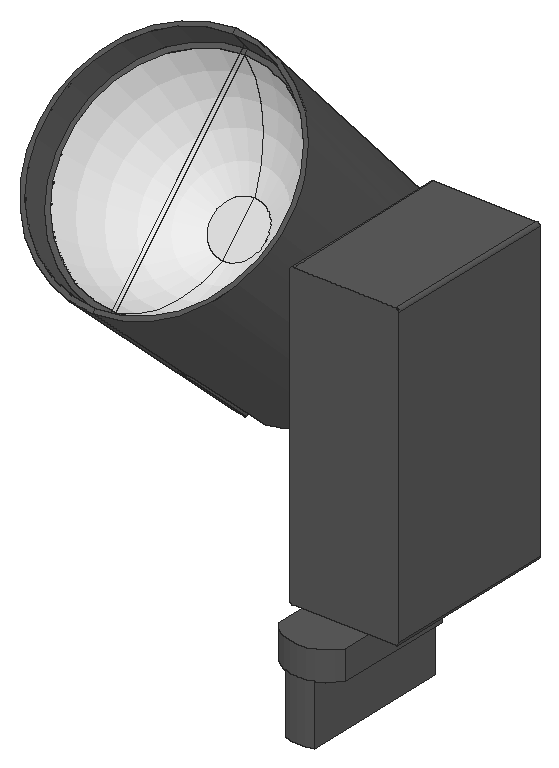
Revit family "0004946 Feilo Sylvania Lighting Fixture START TRACK SPOT L DALI 4405LM 930 WB BLK", category Lighting Fixtures, host Face, Revit 2017
Family settings
  Host = Face
  Round Connector Dimension = Use Diameter
  Part Type = Normal
  OmniClass Number = 23.80.70.00
  OmniClass Title = Lighting
  Cut with Voids When Loaded = No
  Light Source = No
  Shared = No
  Room Calculation Point = No
Parameters (values of type "0004946 START TRACK SPOT L DALI 4405LM 930 WB BLK")
  Weight = "1.398 kg"
  Wattage Comments = ""
  WarrantyStartDate [instance] = "n/a"
  WarrantyGuarantorParts = "n/a"
  WarrantyDurationUnit = "n/a"
  WarrantyDurationParts = "n/a"
  WarrantyDescription = "n/a"
  Voltage = 230 V
  URL = "http://www.sylvania-lighting.com/"
  TypeName = "START TRACK SPOT L DALI 4405LM 930 WB BLK"
  TypeHead_FEILO = Start Track Spot Head : 0004894 START TRACK SPOT L 55W 3K RA90 WB BLACK
  TypeBox_FEILO = Start Track Spot Box : Type Large Black
  Type Image = <None>
  Type Comments = "n/a"
  VerticalRotation_FEILO [instance] = 0.00°
  SlideEndAngle_FEILO [instance] = VerticalRotation_FEILO + 180.00°  # 180.00°
  SerialNumber [instance] = "n/a"
  Material_3_FEILO = none
  PowerFactor = 0.96
  PowerConsumption = "55 W"
  NominalLength = 0 mm
  NominalHeight = 240 mm
  NominalDepth = 164 mm
  Name = "START TRACK SPOT L DALI 4405LM 930 WB BLK"
  ModelReference = Name  # "START TRACK SPOT L DALI 4405LM 930 WB BLK"
  ModelNumber = "0004946"
  Model = Name  # "START TRACK SPOT L DALI 4405LM 930 WB BLK"
  Material = "adc12 aluminium housing, polycarbonate diffuser"
  ManufacturerName = "Feilo Sylvania"
  Manufacturer = "Feilo Sylvania"
  LuminousEfficacy = "80 lm/W"
  LuminaireType = ""
  LightOutputRatio = "100"
  LampsType = Lamp  # "LED"
  LampNominalLuminous = "4405 lm"
  LampMacAdamStep = "3"
  LampColourTemperature = "3000 K"
  LampColourRenderingIndex = "90"
  Lamp = "LED"
  Keynote = "16500"
  InstallationDate [instance] = "n/a"
  InputVoltage = "230-240V~"
  InputNominalFrequency = "50/60 Hz"
  IngressProtection = "IP20"
  ImpactProtectionIndex = "IK02"
  IfcExportType = "IfcLightFixtureType"
  IfcExportAs = "IfcLightFixtureType"
  HorizontalRotation_FEILO [instance] = 45.00°
  ExpectedLife = 50000
  ElectricShockClassification = "Class II"
  DurationUnit = "hours"
  DocumentationLiterature = "http://www.sylvania-lighting.com/product/en-int/products/0004894"
  DimmingControlOptions = "Dimmable"
  Material_2_FEILO = none
  Description = "Integrated LED spotlight, Textured Black - RAL9005, compact and minimalist design, ideal for retail applications, die-cast aluminium body, passive cooling heatsink. Beam angle: 52°, color temperature: 3000K , total system power: 55W, total fixture output: 4405 lm, LOR: 100%, colour rendering: Ra: 90 typical, LED Chromaticity: 3 step MacAdam ellipse, lifetime: >50000 hours at L70B50, energy class: A++, A+, A, IR/UV free light source without heat radiation, operating voltage: 220-240V / 50-60Hz, drive current: 1400mA, electronic driver, non-dimmable, power factor: 0.96, electrical protection: Class II, Global Track 3 Phase adapter suitable for Global trac 3-circuit tracks, ingress protection rating: IP20, suitable for internal environment only, horizontal rotation: 355°, vertical tilt: 90°, dimensions: Ø113x164x240, weight: 1.398kg."
  Default Elevation = 1219.2 mm
  CreatedOn = "04/26/2018"
  CreatedBy = ""
  Cost = 0
  built-in parameter 1114216 [instance] = (empty or 0)
  ClassificationValue = "EF_70_80"
  ClassificationName = "Uniclass2015"
  Material_1_FEILO = Body-Sylvania-StartTrackSpot-Black
  BarCode [instance] = "n/a"
  AssetType = "Fixed"
  AssetIdentifier [instance] = "n/a"
  Assembly Code = "D5020200"
  Apparent Load = 55 VA
  Material_4_FEILO = none
Reference planes
  plane 1 "Center (Front/Back)": y = 0
  plane 2: z = 0
  plane 3 "Center (Left/Right)": x = 0
  plane 4: x = 15
  plane 5: x = -15
  plane 6: y = 35
  plane 7: y = -35
  plane 8: z = 13
  plane 9: z = -27
  plane 10: x = 6.5
  plane 11: x = -6.5
  plane 12: y = 27
  plane 13: y = -27
  plane 14: y = 20
Forms (mm)
  Extrusion 1, solid, material "Body-Sylvania-StartTrackSpot-Black" <- "Material_1_FEILO"
    sketch origin (0, 0, 0) x (1, 0, 0) y (0, 1, 0)
      loop
        line (-15, 27) -> (-15, -27)
        arc (-15, -27) -> (0, -35) -> (15, -27) r 18.062
        line (15, -27) -> (15, 27)
        arc (15, 27) -> (0, 35) -> (-15, 27) r 18.062
    from 0 to 13
  Extrusion 2, solid, material "Body-Sylvania-StartTrackSpot-Black" <- "Material_1_FEILO"
    sketch origin (0, 0, 0) x (1, 0, 0) y (0, 1, 0)
      loop
        arc (6.5, 33.79) -> (0, 35) -> (-6.5, 33.79) r 18.062
        line (-6.5, 33.79) -> (-6.5, -33.79)
        arc (-6.5, -33.79) -> (0, -35) -> (6.5, -33.79) r 18.062
        line (6.5, -33.79) -> (6.5, 33.79)
    from 0 to -27
  Revolve 3, solid, not visible
    sketch origin (1524, 20, 1219.2) x (1, 0, 0) y (0, 0, 1)
      loop
        line (-1524, -1206.2) -> (-1524, -1191.285) -> (-1530.5, -1191.285) -> (-1530.5, -1206.2) -> (-1524, -1206.2)
      axis (-1524, -1191.285) -> (-1524, -1206.2)
    angle from 0 <- "VerticalRotation_FEILO" to 180 <- "SlideEndAngle_FEILO"
Cuts and joins
  joined: Extrusion 1, Extrusion 2
Dimensions and locks
  equal spacing: plane 10, plane 3 "Center (Left/Right)", plane 11
  equal spacing: plane 4, plane 3 "Center (Left/Right)", plane 5
  locked: plane 8 to plane 2 at 13
  locked: plane 8 to plane 9 at 40
  equal spacing: plane 13, plane 1 "Center (Front/Back)", plane 12
  locked: plane 12 to plane 6 at 8
  locked: plane 14 to plane 6 at 15
  locked: Revolve 3 sketch curve to plane 8 at 14.915
  aligned and locked: plane 2 to host face
  aligned and locked: level to host face
  aligned and locked: plane 5 to Extrusion 1 sketch curve  (x2)
  aligned and locked: plane 12 to Extrusion 1 sketch curve
  aligned and locked: plane 13 to Extrusion 1 sketch curve
  aligned and locked: plane 4 to Extrusion 1 sketch curve
  aligned and locked: Extrusion 1 to plane 8
  aligned and locked: Extrusion 1 to level
  aligned and locked: Extrusion 2 sketch curve to Extrusion 1  (x2)
  aligned and locked: Extrusion 2 sketch curve to plane 11
  aligned and locked: plane 10 to Extrusion 2 sketch curve
  aligned and locked: plane 9 to Extrusion 2
  aligned and locked: level to Extrusion 2
  aligned and locked: Revolve 3 sketch curve to plane 3 "Center (Left/Right)"  (x2)
  aligned and locked: plane 11 to Revolve 3 sketch curve
  aligned and locked: Revolve 3 sketch curve to plane 8
Automatic sketch dimensions
  host sketch curve to host sketch curve = 2438.4 mm  (x2)
  Extrusion 1 sketch curve to plane 3 "Center (Left/Right)" = 0 mm  (x2)
  Extrusion 1 sketch curve to plane 13 = 10.062 mm
  plane 12 to Extrusion 1 sketch curve = 10.062 mm
  Revolve 3 sketch curve to plane 3 "Center (Left/Right)" = 0 mm
  plane 9 to Revolve 3 sketch curve = 582.6 mm
  Revolve 3 sketch curve to Revolve 3 sketch curve = 2581.144 mm
Nested families
  nested 1: "Start Track Spot Head" at (-75.5, 20, 133) x (0, 0.7071, 0.7071) z (0, 0.7071, -0.7071), type <- "TypeHead_FEILO", type "0004894 START TRACK SPOT L 55W 3K RA90 WB BLACK"
    with built-in parameter 1114216 (empty or 0)
  nested 2: "Start Track Spot Box" at (8.5, 20, 85) x (-1, 0, 0) z (0, -1, 0), BoxStartAngle_FEILO <- "HorizontalRotation_FEILO", type <- "TypeBox_FEILO", type "Type Large Black"
    with BoxStartAngle_FEILO 45.00°, BoxEndAngle_FEILO -135.00°
Connectors
  electrical at (0, 0, 0), driven by "Apparent Load", driven by "PowerFactor", driven by "Voltage"
    settings: index 1, voltage 230 V, apparent load 55 VA, apparent load phase1 0 VA, apparent load phase2 0 VA, apparent load phase3 0 VA, power factor 0.96, load classification "Lighting", number of poles 1, system type 30, power factor state 1, is connector primary yes, connector utility no, sub classification motor no, connector description ""
Definition of nested family "Start Track Spot Head"
  Parameters (values of type "0004811 START TRACK SPOT S 14W 3K RA80 NB WHITE")
    Wattage Comments = "n/a"
    Wattage = 14 W
    built-in parameter 1150110 = 1 (stored number, unit not read)
    URL = "http://www.feilosylvania.com"
    Type Image = (empty or 0)
    Type Comments = "n/a"
    built-in parameter 1114217 = 1 (stored number, unit not read)
    Tilt Angle = -90.00°
    built-in parameter 1150109 = 1 (stored number, unit not read)
    built-in parameter 1150134 = (empty or 0)
    built-in parameter 1150113 = 1 (stored number, unit not read)
    Photometric Web File = "0004811.ies"
    Material_3_FEILO = none
    Model = "START TRACK SPOT S 14W 3K RA80 NB WHITE"
    Manufacturer = "Feilo Sylvania"
    built-in parameter 1150105 = 123.66 (stored number, unit not read)
    Lumens = 1554 lm
    built-in parameter 1150115 = 1 (stored number, unit not read)
    built-in parameter 1150137 = (empty or 0)
    built-in parameter 1150139 = (empty or 0)
    built-in parameter 1150112 = 1 (stored number, unit not read)
    built-in parameter 1150114 = 1 (stored number, unit not read)
    Lamp = "LED"
    Keynote = "16500"
    Material_2_FEILO = none
    built-in parameter 1150132 = (empty or 0)
    built-in parameter 1150102 = (empty or 0)
    built-in parameter 1150107 = 3000 (stored number, unit not read)
    built-in parameter 1150138 = (empty or 0)
    built-in parameter 1150106 = 1.2366 (stored number, unit not read)
    HeadThickness_FEILO = if(HeadDiaOut_FEILO > 112 mm, 2 mm, 1.5 mm)  # 1.5 mm
    HeadRibOffset_FEILO = HeadHeight_FEILO / 28  # 4.179 mm
    HeadRibDepth_FEILO = HeadHeight_FEILO / 2.1  # 55.714 mm
    HeadRibCutWidth_FEILO = HeadDiaOut_FEILO / 12  # 7.167 mm
    HeadRibCutOffset_FEILO = HeadHeight_FEILO / 2.3  # 50.87 mm
    HeadReflectorRadius_FEILO = HeadDiaOut_FEILO / 1.7  # 50.588 mm
    HeadReflectorOffset_FEILO = HeadHeight_FEILO / 2.1  # 55.714 mm
    HeadLEDRadius_FEILO = HeadDiaOut_FEILO / 9  # 9.556 mm
    HeadHeight_FEILO = 117 mm
    HeadDraft_FEILO = 1 mm
    HeadDiffusorThickness_FEILO = 3 mm
    HeadDiffusorOffset_FEILO = HeadHeight_FEILO / 12.4  # 9.435 mm
    HeadDiaOut_FEILO = 86 mm
    HeadDiaIn_FEILO = HeadDiaOut_FEILO / 1.11  # 77.477 mm
    HeadAxisFromTop_FEILO = HeadHeight_FEILO / 1.687  # 69.354 mm
    Emit from Circle Diameter = HeadDiaIn_FEILO  # 77.477 mm
    Emit Shape Visible in Rendering = no
    built-in parameter 1150104 = 10.312 (stored number, unit not read)
    Dimming Lamp Color Temperature Shift = (empty or 0)
    Description = "Integrated LED spotlight, Textured White - RAL9016, compact and minimalist design, ideal for retail applications, die-cast aluminium body, passive cooling heatsink. Beam angle: 12°, color temperature: 3000K , total system power: 14W, total fixture output: 1551 lm, LOR: 100%, colour rendering: Ra: 80 typical, LED Chromaticity: 3 step MacAdam ellipse, lifetime: >50000 hours at L70B50, energy class: A++, A+, A, IR/UV free light source without heat radiation, operating voltage: 220-240V / 50-60Hz, drive current: 350mA, electronic driver, non-dimmable, power factor: 0.92, electrical protection: Class II, Global Track 3 Phase adapter suitable for Global trac 3-circuit tracks, ingress protection rating: IP20, suitable for internal environment only, horizontal rotation: 355°, vertical tilt: 90°, dimensions: Ø86x140x200, weight: 0.940kg."
    Default Elevation = 1219.2 mm
    Cost = 0
    Color Filter = 16777215
    built-in parameter 1114216 [instance] = (empty or 0)
    Material_1_FEILO = none
    built-in parameter 1114218 = 1 (stored number, unit not read)
    built-in parameter 1150133 = 10 (stored number, unit not read)
    Assembly Code = "D5020200"
    Apparent Load = 14 VA
    Material_4_FEILO = none
  Types (96, lengths in mm): name | Wattage | built-in parameter 1150134 | Photometric Web File | Model | built-in parameter 1150105 | Lumens | built-in parameter 1150107 | built-in parameter 1150106 | HeadThickness_FEILO | HeadRibOffset_FEILO | HeadRibDepth_FEILO | HeadRibCutWidth_FEILO | HeadRibCutOffset_FEILO | HeadReflectorRadius_FEILO | HeadReflectorOffset_FEILO | HeadLEDRadius_FEILO | HeadHeight_FEILO | HeadDiffusorOffset_FEILO | HeadDiaOut_FEILO | HeadDiaIn_FEILO | HeadAxisFromTop_FEILO | Emit from Circle Diameter | built-in parameter 1150104 | Description | Apparent Load
    0004906 START TRACK SPOT L 55W 4K RA90 WB BLACK | 55 W | 12 | "0004906.ies" | "START TRACK SPOT L 55W 4K RA90 WB BLACK" | 385.15 (stored number, unit not read) | 4840 lm | 4000 (stored number, unit not read) | 3.8515 (stored number, unit not read) | 2 | 4.429 | 59.048 | 9.417 | 53.913 | 66.471 | 59.048 | 12.556 | 124 | 10 | 113 | 101.802 | 73.503 | 101.802 | 8.1755 (stored number, unit not read) | "Integrated LED spotlight, Textured Black - RAL9005, compact and minimalist design, ideal for retail applications, die-cast aluminium body, passive cooling heatsink. Beam angle: 52°, color temperature: 4000K , total system power: 55W, total fixture output: 4824 lm, LOR: 100%, colour rendering: Ra: 90 typical, LED Chromaticity: 3 step MacAdam ellipse, lifetime: >50000 hours at L70B50, energy class: A++, A+, A, IR/UV free light source without heat radiation, operating voltage: 220-240V / 50-60Hz, drive current: 1400mA, electronic driver, non-dimmable, power factor: 0.96, electrical protection: Class II, Global Track 3 Phase adapter suitable for Global trac 3-circuit tracks, ingress protection rating: IP20, suitable for internal environment only, horizontal rotation: 355°, vertical tilt: 90°, dimensions: Ø113x164x240, weight: 1.398kg." | 55 VA
    0004905 START TRACK SPOT L 55W 4K RA90 MB BLACK | 55 W | 12 | "0004905.ies" | "START TRACK SPOT L 55W 4K RA90 MB BLACK" | 389.53 (stored number, unit not read) | 4895 lm | 4000 (stored number, unit not read) | 3.8953 (stored number, unit not read) | 2 | 4.429 | 59.048 | 9.417 | 53.913 | 66.471 | 59.048 | 12.556 | 124 | 10 | 113 | 101.802 | 73.503 | 101.802 | 8.2684 (stored number, unit not read) | "Integrated LED spotlight, Textured Black - RAL9005, compact and minimalist design, ideal for retail applications, die-cast aluminium body, passive cooling heatsink. Beam angle: 38°, color temperature: 4000K , total system power: 55W, total fixture output: 4897 lm, LOR: 100%, colour rendering: Ra: 90 typical, LED Chromaticity: 3 step MacAdam ellipse, lifetime: >50000 hours at L70B50, energy class: A++, A+, A, IR/UV free light source without heat radiation, operating voltage: 220-240V / 50-60Hz, drive current: 1400mA, electronic driver, non-dimmable, power factor: 0.96, electrical protection: Class II, Global Track 3 Phase adapter suitable for Global trac 3-circuit tracks, ingress protection rating: IP20, suitable for internal environment only, horizontal rotation: 355°, vertical tilt: 90°, dimensions: Ø113x164x240, weight: 1.398kg." | 55 VA
    0004904 START TRACK SPOT L 55W 4K RA90 NB BLACK | 55 W | 12 | "0004904.ies" | "START TRACK SPOT L 55W 4K RA90 NB BLACK" | 393.91 (stored number, unit not read) | 4950 lm | 4000 (stored number, unit not read) | 3.9391 (stored number, unit not read) | 2 | 4.429 | 59.048 | 9.417 | 53.913 | 66.471 | 59.048 | 12.556 | 124 | 10 | 113 | 101.802 | 73.503 | 101.802 | 8.3613 (stored number, unit not read) | "Integrated LED spotlight, Textured Black - RAL9005, compact and minimalist design, ideal for retail applications, die-cast aluminium body, passive cooling heatsink. Beam angle: 15°, color temperature: 4000K , total system power: 55W, total fixture output: 4965 lm, LOR: 100%, colour rendering: Ra: 90 typical, LED Chromaticity: 3 step MacAdam ellipse, lifetime: >50000 hours at L70B50, energy class: A++, A+, A, IR/UV free light source without heat radiation, operating voltage: 220-240V / 50-60Hz, drive current: 1400mA, electronic driver, non-dimmable, power factor: 0.96, electrical protection: Class II, Global Track 3 Phase adapter suitable for Global trac 3-circuit tracks, ingress protection rating: IP20, suitable for internal environment only, horizontal rotation: 355°, vertical tilt: 90°, dimensions: Ø113x164x240, weight: 1.398kg." | 55 VA
    0004903 START TRACK SPOT L 35W 4K RA90 WB BLACK | 35 W | 12 | "0004903.ies" | "START TRACK SPOT L 35W 4K RA90 WB BLACK" | 284.09 (stored number, unit not read) | 3570 lm | 4000 (stored number, unit not read) | 2.8409 (stored number, unit not read) | 2 | 4.429 | 59.048 | 9.417 | 53.913 | 66.471 | 59.048 | 12.556 | 124 | 10 | 113 | 101.802 | 73.503 | 101.802 | 9.4761 (stored number, unit not read) | "Integrated LED spotlight, Textured Black - RAL9005, compact and minimalist design, ideal for retail applications, die-cast aluminium body, passive cooling heatsink. Beam angle: 52°, color temperature: 4000K , total system power: 35W, total fixture output: 3562 lm, LOR: 100%, colour rendering: Ra: 90 typical, LED Chromaticity: 3 step MacAdam ellipse, lifetime: >50000 hours at L70B50, energy class: A++, A+, A, IR/UV free light source without heat radiation, operating voltage: 220-240V / 50-60Hz, drive current: 900mA, electronic driver, non-dimmable, power factor: 0.93, electrical protection: Class II, Global Track 3 Phase adapter suitable for Global trac 3-circuit tracks, ingress protection rating: IP20, suitable for internal environment only, horizontal rotation: 355°, vertical tilt: 90°, dimensions: Ø113x164x240, weight: 1.368kg." | 35 VA
    0004902 START TRACK SPOT L 35W 4K RA90 MB BLACK | 35 W | 12 | "0004902.ies" | "START TRACK SPOT L 35W 4K RA90 MB BLACK" | 286.88 (stored number, unit not read) | 3605 lm | 4000 (stored number, unit not read) | 2.8688 (stored number, unit not read) | 2 | 4.429 | 59.048 | 9.417 | 53.913 | 66.471 | 59.048 | 12.556 | 124 | 10 | 113 | 101.802 | 73.503 | 101.802 | 9.569 (stored number, unit not read) | "Integrated LED spotlight, Textured Black - RAL9005, compact and minimalist design, ideal for retail applications, die-cast aluminium body, passive cooling heatsink. Beam angle: 38°, color temperature: 4000K , total system power: 35W, total fixture output: 3616 lm, LOR: 100%, colour rendering: Ra: 90 typical, LED Chromaticity: 3 step MacAdam ellipse, lifetime: >50000 hours at L70B50, energy class: A++, A+, A, IR/UV free light source without heat radiation, operating voltage: 220-240V / 50-60Hz, drive current: 900mA, electronic driver, non-dimmable, power factor: 0.93, electrical protection: Class II, Global Track 3 Phase adapter suitable for Global trac 3-circuit tracks, ingress protection rating: IP20, suitable for internal environment only, horizontal rotation: 355°, vertical tilt: 90°, dimensions: Ø113x164x240, weight: 1.368kg." | 35 VA
    0004901 START TRACK SPOT L 35W 4K RA90 NB BLACK | 35 W | 12 | "0004901.ies" | "START TRACK SPOT L 35W 4K RA90 NB BLACK" | 286.88 (stored number, unit not read) | 3605 lm | 4000 (stored number, unit not read) | 2.8688 (stored number, unit not read) | 2 | 4.429 | 59.048 | 9.417 | 53.913 | 66.471 | 59.048 | 12.556 | 124 | 10 | 113 | 101.802 | 73.503 | 101.802 | 9.569 (stored number, unit not read) | "Integrated LED spotlight, Textured Black - RAL9005, compact and minimalist design, ideal for retail applications, die-cast aluminium body, passive cooling heatsink. Beam angle: 15°, color temperature: 4000K , total system power: 35W, total fixture output: 3593 lm, LOR: 100%, colour rendering: Ra: 90 typical, LED Chromaticity: 3 step MacAdam ellipse, lifetime: >50000 hours at L70B50, energy class: A++, A+, A, IR/UV free light source without heat radiation, operating voltage: 220-240V / 50-60Hz, drive current: 900mA, electronic driver, non-dimmable, power factor: 0.93, electrical protection: Class II, Global Track 3 Phase adapter suitable for Global trac 3-circuit tracks, ingress protection rating: IP20, suitable for internal environment only, horizontal rotation: 355°, vertical tilt: 90°, dimensions: Ø113x164x240, weight: 1.368kg." | 35 VA
    0004900 START TRACK SPOT S 24W 4K RA90 WB BLACK | 24 W | 12 | "0004900.ies" | "START TRACK SPOT S 24W 4K RA90 WB BLACK" | 166.16 (stored number, unit not read) | 2088 lm | 4000 (stored number, unit not read) | 1.6616 (stored number, unit not read) | 1.5 | 4.179 | 55.714 | 7.167 | 50.87 | 50.588 | 55.714 | 9.556 | 117 | 9.435 | 86 | 77.477 | 69.354 | 77.477 | 8.0826 (stored number, unit not read) | "Integrated LED spotlight, Textured Black - RAL9005, compact and minimalist design, ideal for retail applications, die-cast aluminium body, passive cooling heatsink. Beam angle: 64°, color temperature: 4000K , total system power: 24W, total fixture output: 2087 lm, LOR: 100%, colour rendering: Ra: 90 typical, LED Chromaticity: 3 step MacAdam ellipse, lifetime: >50000 hours at L70B50, energy class: A++, A+, A, IR/UV free light source without heat radiation, operating voltage: 220-240V / 50-60Hz, drive current: 600mA, electronic driver, non-dimmable, power factor: 0.95, electrical protection: Class II, Global Track 3 Phase adapter suitable for Global trac 3-circuit tracks, ingress protection rating: IP20, suitable for internal environment only, horizontal rotation: 355°, vertical tilt: 90°, dimensions: Ø86x140x200, weight: 0.966kg." | 24 VA
    0004899 START TRACK SPOT S 24W 4K RA90 MB BLACK | 24 W | 12 | "0004899.ies" | "START TRACK SPOT S 24W 4K RA90 MB BLACK" | 169.98 (stored number, unit not read) | 2136 lm | 4000 (stored number, unit not read) | 1.6998 (stored number, unit not read) | 1.5 | 4.179 | 55.714 | 7.167 | 50.87 | 50.588 | 55.714 | 9.556 | 117 | 9.435 | 86 | 77.477 | 69.354 | 77.477 | 8.2684 (stored number, unit not read) | "Integrated LED spotlight, Textured Black - RAL9005, compact and minimalist design, ideal for retail applications, die-cast aluminium body, passive cooling heatsink. Beam angle: 36°, color temperature: 4000K , total system power: 24W, total fixture output: 2141 lm, LOR: 100%, colour rendering: Ra: 90 typical, LED Chromaticity: 3 step MacAdam ellipse, lifetime: >50000 hours at L70B50, energy class: A++, A+, A, IR/UV free light source without heat radiation, operating voltage: 220-240V / 50-60Hz, drive current: 600mA, electronic driver, non-dimmable, power factor: 0.95, electrical protection: Class II, Global Track 3 Phase adapter suitable for Global trac 3-circuit tracks, ingress protection rating: IP20, suitable for internal environment only, horizontal rotation: 355°, vertical tilt: 90°, dimensions: Ø86x140x200, weight: 0.966kg." | 24 VA
    0004898 START TRACK SPOT S 24W 4K RA90 NB BLACK | 24 W | 12 | "0004898.ies" | "START TRACK SPOT S 24W 4K RA90 NB BLACK" | 171.89 (stored number, unit not read) | 2160 lm | 4000 (stored number, unit not read) | 1.7189 (stored number, unit not read) | 1.5 | 4.179 | 55.714 | 7.167 | 50.87 | 50.588 | 55.714 | 9.556 | 117 | 9.435 | 86 | 77.477 | 69.354 | 77.477 | 8.3613 (stored number, unit not read) | "Integrated LED spotlight, Textured Black - RAL9005, compact and minimalist design, ideal for retail applications, die-cast aluminium body, passive cooling heatsink. Beam angle: 12°, color temperature: 4000K , total system power: 24W, total fixture output: 2155 lm, LOR: 100%, colour rendering: Ra: 90 typical, LED Chromaticity: 3 step MacAdam ellipse, lifetime: >50000 hours at L70B50, energy class: A++, A+, A, IR/UV free light source without heat radiation, operating voltage: 220-240V / 50-60Hz, drive current: 600mA, electronic driver, non-dimmable, power factor: 0.95, electrical protection: Class II, Global Track 3 Phase adapter suitable for Global trac 3-circuit tracks, ingress protection rating: IP20, suitable for internal environment only, horizontal rotation: 355°, vertical tilt: 90°, dimensions: Ø86x140x200, weight: 0.966kg." | 24 VA
    0004897 START TRACK SPOT S 14W 4K RA90 WB BLACK | 14 W | 12 | "0004897.ies" | "START TRACK SPOT S 14W 4K RA90 WB BLACK" | 108.07 (stored number, unit not read) | 1358 lm | 4000 (stored number, unit not read) | 1.0807 (stored number, unit not read) | 1.5 | 4.179 | 55.714 | 7.167 | 50.87 | 50.588 | 55.714 | 9.556 | 117 | 9.435 | 86 | 77.477 | 69.354 | 77.477 | 9.0116 (stored number, unit not read) | "Integrated LED spotlight, Textured Black - RAL9005, compact and minimalist design, ideal for retail applications, die-cast aluminium body, passive cooling heatsink. Beam angle: 64°, color temperature: 4000K , total system power: 14W, total fixture output: 1352 lm, LOR: 100%, colour rendering: Ra: 90 typical, LED Chromaticity: 3 step MacAdam ellipse, lifetime: >50000 hours at L70B50, energy class: A++, A+, A, IR/UV free light source without heat radiation, operating voltage: 220-240V / 50-60Hz, drive current: 350mA, electronic driver, non-dimmable, power factor: 0.92, electrical protection: Class II, Global Track 3 Phase adapter suitable for Global trac 3-circuit tracks, ingress protection rating: IP20, suitable for internal environment only, horizontal rotation: 355°, vertical tilt: 90°, dimensions: Ø86x140x200, weight: 0.940kg." | 14 VA
    0004896 START TRACK SPOT S 14W 4K RA90 MB BLACK | 14 W | 12 | "0004896.ies" | "START TRACK SPOT S 14W 4K RA90 MB BLACK" | 108.07 (stored number, unit not read) | 1358 lm | 4000 (stored number, unit not read) | 1.0807 (stored number, unit not read) | 1.5 | 4.179 | 55.714 | 7.167 | 50.87 | 50.588 | 55.714 | 9.556 | 117 | 9.435 | 86 | 77.477 | 69.354 | 77.477 | 9.0116 (stored number, unit not read) | "Integrated LED spotlight, Textured Black - RAL9005, compact and minimalist design, ideal for retail applications, die-cast aluminium body, passive cooling heatsink. Beam angle: 36°, color temperature: 4000K , total system power: 14W, total fixture output: 1359 lm, LOR: 100%, colour rendering: Ra: 90 typical, LED Chromaticity: 3 step MacAdam ellipse, lifetime: >50000 hours at L70B50, energy class: A++, A+, A, IR/UV free light source without heat radiation, operating voltage: 220-240V / 50-60Hz, drive current: 350mA, electronic driver, non-dimmable, power factor: 0.92, electrical protection: Class II, Global Track 3 Phase adapter suitable for Global trac 3-circuit tracks, ingress protection rating: IP20, suitable for internal environment only, horizontal rotation: 355°, vertical tilt: 90°, dimensions: Ø86x140x200, weight: 0.940kg." | 14 VA
    0004895 START TRACK SPOT S 14W 4K RA90 NB BLACK | 14 W | 12 | "0004895.ies" | "START TRACK SPOT S 14W 4K RA90 NB BLACK" | 106.95 (stored number, unit not read) | 1344 lm | 4000 (stored number, unit not read) | 1.0695 (stored number, unit not read) | 1.5 | 4.179 | 55.714 | 7.167 | 50.87 | 50.588 | 55.714 | 9.556 | 117 | 9.435 | 86 | 77.477 | 69.354 | 77.477 | 8.9187 (stored number, unit not read) | "Integrated LED spotlight, Textured Black - RAL9005, compact and minimalist design, ideal for retail applications, die-cast aluminium body, passive cooling heatsink. Beam angle: 12°, color temperature: 4000K , total system power: 14W, total fixture output: 1349 lm, LOR: 100%, colour rendering: Ra: 90 typical, LED Chromaticity: 3 step MacAdam ellipse, lifetime: >50000 hours at L70B50, energy class: A++, A+, A, IR/UV free light source without heat radiation, operating voltage: 220-240V / 50-60Hz, drive current: 350mA, electronic driver, non-dimmable, power factor: 0.92, electrical protection: Class II, Global Track 3 Phase adapter suitable for Global trac 3-circuit tracks, ingress protection rating: IP20, suitable for internal environment only, horizontal rotation: 355°, vertical tilt: 90°, dimensions: Ø86x140x200, weight: 0.940kg." | 14 VA
    0004894 START TRACK SPOT L 55W 3K RA90 WB BLACK | 55 W | (empty or 0) | "0004894.ies" | "START TRACK SPOT L 55W 3K RA90 WB BLACK" | 350.14 (stored number, unit not read) | 4400 lm | 3000 (stored number, unit not read) | 3.5014 (stored number, unit not read) | 2 | 4.429 | 59.048 | 9.417 | 53.913 | 66.471 | 59.048 | 12.556 | 124 | 10 | 113 | 101.802 | 73.503 | 101.802 | 7.4322 (stored number, unit not read) | "Integrated LED spotlight, Textured Black - RAL9005, compact and minimalist design, ideal for retail applications, die-cast aluminium body, passive cooling heatsink. Beam angle: 52°, color temperature: 3000K , total system power: 55W, total fixture output: 4405 lm, LOR: 100%, colour rendering: Ra: 90 typical, LED Chromaticity: 3 step MacAdam ellipse, lifetime: >50000 hours at L70B50, energy class: A++, A+, A, IR/UV free light source without heat radiation, operating voltage: 220-240V / 50-60Hz, drive current: 1400mA, electronic driver, non-dimmable, power factor: 0.96, electrical protection: Class II, Global Track 3 Phase adapter suitable for Global trac 3-circuit tracks, ingress protection rating: IP20, suitable for internal environment only, horizontal rotation: 355°, vertical tilt: 90°, dimensions: Ø113x164x240, weight: 1.398kg." | 55 VA
    0004893 START TRACK SPOT L 55W 3K RA90 MB BLACK | 55 W | (empty or 0) | "0004893.ies" | "START TRACK SPOT L 55W 3K RA90 MB BLACK" | 354.52 (stored number, unit not read) | 4455 lm | 3000 (stored number, unit not read) | 3.5452 (stored number, unit not read) | 2 | 4.429 | 59.048 | 9.417 | 53.913 | 66.471 | 59.048 | 12.556 | 124 | 10 | 113 | 101.802 | 73.503 | 101.802 | 7.5251 (stored number, unit not read) | "Integrated LED spotlight, Textured Black - RAL9005, compact and minimalist design, ideal for retail applications, die-cast aluminium body, passive cooling heatsink. Beam angle: 38°, color temperature: 3000K , total system power: 55W, total fixture output: 4448 lm, LOR: 100%, colour rendering: Ra: 90 typical, LED Chromaticity: 3 step MacAdam ellipse, lifetime: >50000 hours at L70B50, energy class: A++, A+, A, IR/UV free light source without heat radiation, operating voltage: 220-240V / 50-60Hz, drive current: 1400mA, electronic driver, non-dimmable, power factor: 0.96, electrical protection: Class II, Global Track 3 Phase adapter suitable for Global trac 3-circuit tracks, ingress protection rating: IP20, suitable for internal environment only, horizontal rotation: 355°, vertical tilt: 90°, dimensions: Ø113x164x240, weight: 1.398kg." | 55 VA
    0004892 START TRACK SPOT L 55W 3K RA90 NB BLACK | 55 W | (empty or 0) | "0004892.ies" | "START TRACK SPOT L 55W 3K RA90 NB BLACK" | 350.14 (stored number, unit not read) | 4400 lm | 3000 (stored number, unit not read) | 3.5014 (stored number, unit not read) | 2 | 4.429 | 59.048 | 9.417 | 53.913 | 66.471 | 59.048 | 12.556 | 124 | 10 | 113 | 101.802 | 73.503 | 101.802 | 7.4322 (stored number, unit not read) | "Integrated LED spotlight, Textured Black - RAL9005, compact and minimalist design, ideal for retail applications, die-cast aluminium body, passive cooling heatsink. Beam angle: 15°, color temperature: 3000K , total system power: 55W, total fixture output: 4416 lm, LOR: 100%, colour rendering: Ra: 90 typical, LED Chromaticity: 3 step MacAdam ellipse, lifetime: >50000 hours at L70B50, energy class: A++, A+, A, IR/UV free light source without heat radiation, operating voltage: 220-240V / 50-60Hz, drive current: 1400mA, electronic driver, non-dimmable, power factor: 0.96, electrical protection: Class II, Global Track 3 Phase adapter suitable for Global trac 3-circuit tracks, ingress protection rating: IP20, suitable for internal environment only, horizontal rotation: 355°, vertical tilt: 90°, dimensions: Ø113x164x240, weight: 1.398kg." | 55 VA
    0004891 START TRACK SPOT L 35W 3K RA90 WB BLACK | 35 W | (empty or 0) | "0004891.ies" | "START TRACK SPOT L 35W 3K RA90 WB BLACK" | 259.02 (stored number, unit not read) | 3255 lm | 3000 (stored number, unit not read) | 2.5902 (stored number, unit not read) | 2 | 4.429 | 59.048 | 9.417 | 53.913 | 66.471 | 59.048 | 12.556 | 124 | 10 | 113 | 101.802 | 73.503 | 101.802 | 8.64 (stored number, unit not read) | "Integrated LED spotlight, Textured Black - RAL9005, compact and minimalist design, ideal for retail applications, die-cast aluminium body, passive cooling heatsink. Beam angle: 52°, color temperature: 3000K , total system power: 35W, total fixture output: 3260 lm, LOR: 100%, colour rendering: Ra: 90 typical, LED Chromaticity: 3 step MacAdam ellipse, lifetime: >50000 hours at L70B50, energy class: A++, A+, A, IR/UV free light source without heat radiation, operating voltage: 220-240V / 50-60Hz, drive current: 900mA, electronic driver, non-dimmable, power factor: 0.93, electrical protection: Class II, Global Track 3 Phase adapter suitable for Global trac 3-circuit tracks, ingress protection rating: IP20, suitable for internal environment only, horizontal rotation: 355°, vertical tilt: 90°, dimensions: Ø113x164x240, weight: 1.368kg." | 35 VA
    0004890 START TRACK SPOT L 35W 3K RA90 MB BLACK | 35 W | (empty or 0) | "0004890.ies" | "START TRACK SPOT L 35W 3K RA90 MB BLACK" | 261.81 (stored number, unit not read) | 3290 lm | 3000 (stored number, unit not read) | 2.6181 (stored number, unit not read) | 2 | 4.429 | 59.048 | 9.417 | 53.913 | 66.471 | 59.048 | 12.556 | 124 | 10 | 113 | 101.802 | 73.503 | 101.802 | 8.7329 (stored number, unit not read) | "Integrated LED spotlight, Textured Black - RAL9005, compact and minimalist design, ideal for retail applications, die-cast aluminium body, passive cooling heatsink. Beam angle: 38°, color temperature: 3000K , total system power: 35W, total fixture output: 3306 lm, LOR: 100%, colour rendering: Ra: 90 typical, LED Chromaticity: 3 step MacAdam ellipse, lifetime: >50000 hours at L70B50, energy class: A++, A+, A, IR/UV free light source without heat radiation, operating voltage: 220-240V / 50-60Hz, drive current: 900mA, electronic driver, non-dimmable, power factor: 0.93, electrical protection: Class II, Global Track 3 Phase adapter suitable for Global trac 3-circuit tracks, ingress protection rating: IP20, suitable for internal environment only, horizontal rotation: 355°, vertical tilt: 90°, dimensions: Ø113x164x240, weight: 1.368kg." | 35 VA
    0004889 START TRACK SPOT L 35W 3K RA90 NB BLACK | 35 W | (empty or 0) | "0004889.ies" | "START TRACK SPOT L 35W 3K RA90 NB BLACK" | 261.81 (stored number, unit not read) | 3290 lm | 3000 (stored number, unit not read) | 2.6181 (stored number, unit not read) | 2 | 4.429 | 59.048 | 9.417 | 53.913 | 66.471 | 59.048 | 12.556 | 124 | 10 | 113 | 101.802 | 73.503 | 101.802 | 8.7329 (stored number, unit not read) | "Integrated LED spotlight, Textured Black - RAL9005, compact and minimalist design, ideal for retail applications, die-cast aluminium body, passive cooling heatsink. Beam angle: 15°, color temperature: 3000K , total system power: 35W, total fixture output: 3287 lm, LOR: 100%, colour rendering: Ra: 90 typical, LED Chromaticity: 3 step MacAdam ellipse, lifetime: >50000 hours at L70B50, energy class: A++, A+, A, IR/UV free light source without heat radiation, operating voltage: 220-240V / 50-60Hz, drive current: 900mA, electronic driver, non-dimmable, power factor: 0.93, electrical protection: Class II, Global Track 3 Phase adapter suitable for Global trac 3-circuit tracks, ingress protection rating: IP20, suitable for internal environment only, horizontal rotation: 355°, vertical tilt: 90°, dimensions: Ø113x164x240, weight: 1.368kg." | 35 VA
    0004888 START TRACK SPOT S 24W 3K RA90 WB BLACK | 24 W | (empty or 0) | "0004888.ies" | "START TRACK SPOT S 24W 3K RA90 WB BLACK" | 152.79 (stored number, unit not read) | 1920 lm | 3000 (stored number, unit not read) | 1.5279 (stored number, unit not read) | 1.5 | 4.179 | 55.714 | 7.167 | 50.87 | 50.588 | 55.714 | 9.556 | 117 | 9.435 | 86 | 77.477 | 69.354 | 77.477 | 7.4322 (stored number, unit not read) | "Integrated LED spotlight, Textured Black - RAL9005, compact and minimalist design, ideal for retail applications, die-cast aluminium body, passive cooling heatsink. Beam angle: 64°, color temperature: 3000K , total system power: 24W, total fixture output: 1928 lm, LOR: 100%, colour rendering: Ra: 90 typical, LED Chromaticity: 3 step MacAdam ellipse, lifetime: >50000 hours at L70B50, energy class: A++, A+, A, IR/UV free light source without heat radiation, operating voltage: 220-240V / 50-60Hz, drive current: 600mA, electronic driver, non-dimmable, power factor: 0.95, electrical protection: Class II, Global Track 3 Phase adapter suitable for Global trac 3-circuit tracks, ingress protection rating: IP20, suitable for internal environment only, horizontal rotation: 355°, vertical tilt: 90°, dimensions: Ø86x140x200, weight: 0.966kg." | 24 VA
    0004887 START TRACK SPOT S 24W 3K RA90 MB BLACK | 24 W | (empty or 0) | "0004887.ies" | "START TRACK SPOT S 24W 3K RA90 MB BLACK" | 154.7 (stored number, unit not read) | 1944 lm | 3000 (stored number, unit not read) | 1.547 (stored number, unit not read) | 1.5 | 4.179 | 55.714 | 7.167 | 50.87 | 50.588 | 55.714 | 9.556 | 117 | 9.435 | 86 | 77.477 | 69.354 | 77.477 | 7.5251 (stored number, unit not read) | "Integrated LED spotlight, Textured Black - RAL9005, compact and minimalist design, ideal for retail applications, die-cast aluminium body, passive cooling heatsink. Beam angle: 36°, color temperature: 3000K , total system power: 24W, total fixture output: 1944 lm, LOR: 100%, colour rendering: Ra: 90 typical, LED Chromaticity: 3 step MacAdam ellipse, lifetime: >50000 hours at L70B50, energy class: A++, A+, A, IR/UV free light source without heat radiation, operating voltage: 220-240V / 50-60Hz, drive current: 600mA, electronic driver, non-dimmable, power factor: 0.95, electrical protection: Class II, Global Track 3 Phase adapter suitable for Global trac 3-circuit tracks, ingress protection rating: IP20, suitable for internal environment only, horizontal rotation: 355°, vertical tilt: 90°, dimensions: Ø86x140x200, weight: 0.966kg." | 24 VA
    0004886 START TRACK SPOT S 24W 3K RA90 NB BLACK | 24 W | (empty or 0) | "0004886.ies" | "START TRACK SPOT S 24W 3K RA90 NB BLACK" | 158.52 (stored number, unit not read) | 1992 lm | 3000 (stored number, unit not read) | 1.5852 (stored number, unit not read) | 1.5 | 4.179 | 55.714 | 7.167 | 50.87 | 50.588 | 55.714 | 9.556 | 117 | 9.435 | 86 | 77.477 | 69.354 | 77.477 | 7.711 (stored number, unit not read) | "Integrated LED spotlight, Textured Black - RAL9005, compact and minimalist design, ideal for retail applications, die-cast aluminium body, passive cooling heatsink. Beam angle: 12°, color temperature: 3000K , total system power: 24W, total fixture output: 1987 lm, LOR: 100%, colour rendering: Ra: 90 typical, LED Chromaticity: 3 step MacAdam ellipse, lifetime: >50000 hours at L70B50, energy class: A++, A+, A, IR/UV free light source without heat radiation, operating voltage: 220-240V / 50-60Hz, drive current: 600mA, electronic driver, non-dimmable, power factor: 0.95, electrical protection: Class II, Global Track 3 Phase adapter suitable for Global trac 3-circuit tracks, ingress protection rating: IP20, suitable for internal environment only, horizontal rotation: 355°, vertical tilt: 90°, dimensions: Ø86x140x200, weight: 0.966kg." | 24 VA
    0004885 START TRACK SPOT S 14W 3K RA90 WB BLACK | 14 W | (empty or 0) | "0004885.ies" | "START TRACK SPOT S 14W 3K RA90 WB BLACK" | 100.27 (stored number, unit not read) | 1260 lm | 3000 (stored number, unit not read) | 1.0027 (stored number, unit not read) | 1.5 | 4.179 | 55.714 | 7.167 | 50.87 | 50.588 | 55.714 | 9.556 | 117 | 9.435 | 86 | 77.477 | 69.354 | 77.477 | 8.3613 (stored number, unit not read) | "Integrated LED spotlight, Textured Black - RAL9005, compact and minimalist design, ideal for retail applications, die-cast aluminium body, passive cooling heatsink. Beam angle: 64°, color temperature: 3000K , total system power: 14W, total fixture output: 1262 lm, LOR: 100%, colour rendering: Ra: 90 typical, LED Chromaticity: 3 step MacAdam ellipse, lifetime: >50000 hours at L70B50, energy class: A++, A+, A, IR/UV free light source without heat radiation, operating voltage: 220-240V / 50-60Hz, drive current: 350mA, electronic driver, non-dimmable, power factor: 0.92, electrical protection: Class II, Global Track 3 Phase adapter suitable for Global trac 3-circuit tracks, ingress protection rating: IP20, suitable for internal environment only, horizontal rotation: 355°, vertical tilt: 90°, dimensions: Ø86x140x200, weight: 0.940kg." | 14 VA
    0004884 START TRACK SPOT S 14W 3K RA90 MB BLACK | 14 W | (empty or 0) | "0004884.ies" | "START TRACK SPOT S 14W 3K RA90 MB BLACK" | 100.27 (stored number, unit not read) | 1260 lm | 3000 (stored number, unit not read) | 1.0027 (stored number, unit not read) | 1.5 | 4.179 | 55.714 | 7.167 | 50.87 | 50.588 | 55.714 | 9.556 | 117 | 9.435 | 86 | 77.477 | 69.354 | 77.477 | 8.3613 (stored number, unit not read) | "Integrated LED spotlight, Textured Black - RAL9005, compact and minimalist design, ideal for retail applications, die-cast aluminium body, passive cooling heatsink. Beam angle: 36°, color temperature: 3000K , total system power: 14W, total fixture output: 1262 lm, LOR: 100%, colour rendering: Ra: 90 typical, LED Chromaticity: 3 step MacAdam ellipse, lifetime: >50000 hours at L70B50, energy class: A++, A+, A, IR/UV free light source without heat radiation, operating voltage: 220-240V / 50-60Hz, drive current: 350mA, electronic driver, non-dimmable, power factor: 0.92, electrical protection: Class II, Global Track 3 Phase adapter suitable for Global trac 3-circuit tracks, ingress protection rating: IP20, suitable for internal environment only, horizontal rotation: 355°, vertical tilt: 90°, dimensions: Ø86x140x200, weight: 0.940kg." | 14 VA
    0004883 START TRACK SPOT S 14W 3K RA90 NB BLACK | 14 W | (empty or 0) | "0004883.ies" | "START TRACK SPOT S 14W 3K RA90 NB BLACK" | 102.5 (stored number, unit not read) | 1288 lm | 3000 (stored number, unit not read) | 1.025 (stored number, unit not read) | 1.5 | 4.179 | 55.714 | 7.167 | 50.87 | 50.588 | 55.714 | 9.556 | 117 | 9.435 | 86 | 77.477 | 69.354 | 77.477 | 8.5471 (stored number, unit not read) | "Integrated LED spotlight, Textured Black - RAL9005, compact and minimalist design, ideal for retail applications, die-cast aluminium body, passive cooling heatsink. Beam angle: 12°, color temperature: 3000K , total system power: 14W, total fixture output: 1284 lm, LOR: 100%, colour rendering: Ra: 90 typical, LED Chromaticity: 3 step MacAdam ellipse, lifetime: >50000 hours at L70B50, energy class: A++, A+, A, IR/UV free light source without heat radiation, operating voltage: 220-240V / 50-60Hz, drive current: 350mA, electronic driver, non-dimmable, power factor: 0.92, electrical protection: Class II, Global Track 3 Phase adapter suitable for Global trac 3-circuit tracks, ingress protection rating: IP20, suitable for internal environment only, horizontal rotation: 355°, vertical tilt: 90°, dimensions: Ø86x140x200, weight: 0.940kg." | 14 VA
    0004882 START TRACK SPOT L 55W 4K RA90 WB WHITE | 55 W | 12 | "0004882.ies" | "START TRACK SPOT L 55W 4K RA90 WB WHITE" | 385.15 (stored number, unit not read) | 4840 lm | 4000 (stored number, unit not read) | 3.8515 (stored number, unit not read) | 2 | 4.429 | 59.048 | 9.417 | 53.913 | 66.471 | 59.048 | 12.556 | 124 | 10 | 113 | 101.802 | 73.503 | 101.802 | 8.1755 (stored number, unit not read) | "Integrated LED spotlight, Textured White - RAL9016, compact and minimalist design, ideal for retail applications, die-cast aluminium body, passive cooling heatsink. Beam angle: 52°, color temperature: 4000K , total system power: 55W, total fixture output: 4824 lm, LOR: 100%, colour rendering: Ra: 90 typical, LED Chromaticity: 3 step MacAdam ellipse, lifetime: >50000 hours at L70B50, energy class: A++, A+, A, IR/UV free light source without heat radiation, operating voltage: 220-240V / 50-60Hz, drive current: 1400mA, electronic driver, non-dimmable, power factor: 0.96, electrical protection: Class II, Global Track 3 Phase adapter suitable for Global trac 3-circuit tracks, ingress protection rating: IP20, suitable for internal environment only, horizontal rotation: 355°, vertical tilt: 90°, dimensions: Ø113x164x240, weight: 1.398kg." | 55 VA
    0004881 START TRACK SPOT L 55W 4K RA90 MB WHITE | 55 W | 12 | "0004881.ies" | "START TRACK SPOT L 55W 4K RA90 MB WHITE" | 389.53 (stored number, unit not read) | 4895 lm | 4000 (stored number, unit not read) | 3.8953 (stored number, unit not read) | 2 | 4.429 | 59.048 | 9.417 | 53.913 | 66.471 | 59.048 | 12.556 | 124 | 10 | 113 | 101.802 | 73.503 | 101.802 | 8.2684 (stored number, unit not read) | "Integrated LED spotlight, Textured White - RAL9016, compact and minimalist design, ideal for retail applications, die-cast aluminium body, passive cooling heatsink. Beam angle: 38°, color temperature: 4000K , total system power: 55W, total fixture output: 4897 lm, LOR: 100%, colour rendering: Ra: 90 typical, LED Chromaticity: 3 step MacAdam ellipse, lifetime: >50000 hours at L70B50, energy class: A++, A+, A, IR/UV free light source without heat radiation, operating voltage: 220-240V / 50-60Hz, drive current: 1400mA, electronic driver, non-dimmable, power factor: 0.96, electrical protection: Class II, Global Track 3 Phase adapter suitable for Global trac 3-circuit tracks, ingress protection rating: IP20, suitable for internal environment only, horizontal rotation: 355°, vertical tilt: 90°, dimensions: Ø113x164x240, weight: 1.398kg." | 55 VA
    0004880 START TRACK SPOT L 55W 4K RA90 NB WHITE | 55 W | 12 | "0004880.ies" | "START TRACK SPOT L 55W 4K RA90 NB WHITE" | 393.91 (stored number, unit not read) | 4950 lm | 4000 (stored number, unit not read) | 3.9391 (stored number, unit not read) | 2 | 4.429 | 59.048 | 9.417 | 53.913 | 66.471 | 59.048 | 12.556 | 124 | 10 | 113 | 101.802 | 73.503 | 101.802 | 8.3613 (stored number, unit not read) | "Integrated LED spotlight, Textured White - RAL9016, compact and minimalist design, ideal for retail applications, die-cast aluminium body, passive cooling heatsink. Beam angle: 15°, color temperature: 4000K , total system power: 55W, total fixture output: 4965 lm, LOR: 100%, colour rendering: Ra: 90 typical, LED Chromaticity: 3 step MacAdam ellipse, lifetime: >50000 hours at L70B50, energy class: A++, A+, A, IR/UV free light source without heat radiation, operating voltage: 220-240V / 50-60Hz, drive current: 1400mA, electronic driver, non-dimmable, power factor: 0.96, electrical protection: Class II, Global Track 3 Phase adapter suitable for Global trac 3-circuit tracks, ingress protection rating: IP20, suitable for internal environment only, horizontal rotation: 355°, vertical tilt: 90°, dimensions: Ø113x164x240, weight: 1.398kg." | 55 VA
    0004879 START TRACK SPOT L 35W 4K RA90 WB WHITE | 35 W | 12 | "0004879.ies" | "START TRACK SPOT L 35W 4K RA90 WB WHITE" | 284.09 (stored number, unit not read) | 3570 lm | 4000 (stored number, unit not read) | 2.8409 (stored number, unit not read) | 2 | 4.429 | 59.048 | 9.417 | 53.913 | 66.471 | 59.048 | 12.556 | 124 | 10 | 113 | 101.802 | 73.503 | 101.802 | 9.4761 (stored number, unit not read) | "Integrated LED spotlight, Textured White - RAL9016, compact and minimalist design, ideal for retail applications, die-cast aluminium body, passive cooling heatsink. Beam angle: 52°, color temperature: 4000K , total system power: 35W, total fixture output: 3562 lm, LOR: 100%, colour rendering: Ra: 90 typical, LED Chromaticity: 3 step MacAdam ellipse, lifetime: >50000 hours at L70B50, energy class: A++, A+, A, IR/UV free light source without heat radiation, operating voltage: 220-240V / 50-60Hz, drive current: 900mA, electronic driver, non-dimmable, power factor: 0.93, electrical protection: Class II, Global Track 3 Phase adapter suitable for Global trac 3-circuit tracks, ingress protection rating: IP20, suitable for internal environment only, horizontal rotation: 355°, vertical tilt: 90°, dimensions: Ø113x164x240, weight: 1.368kg." | 35 VA
    0004878 START TRACK SPOT L 35W 4K RA90 MB WHITE | 35 W | 12 | "0004878.ies" | "START TRACK SPOT L 35W 4K RA90 MB WHITE" | 286.88 (stored number, unit not read) | 3605 lm | 4000 (stored number, unit not read) | 2.8688 (stored number, unit not read) | 2 | 4.429 | 59.048 | 9.417 | 53.913 | 66.471 | 59.048 | 12.556 | 124 | 10 | 113 | 101.802 | 73.503 | 101.802 | 9.569 (stored number, unit not read) | "Integrated LED spotlight, Textured White - RAL9016, compact and minimalist design, ideal for retail applications, die-cast aluminium body, passive cooling heatsink. Beam angle: 38°, color temperature: 4000K , total system power: 35W, total fixture output: 3616 lm, LOR: 100%, colour rendering: Ra: 90 typical, LED Chromaticity: 3 step MacAdam ellipse, lifetime: >50000 hours at L70B50, energy class: A++, A+, A, IR/UV free light source without heat radiation, operating voltage: 220-240V / 50-60Hz, drive current: 900mA, electronic driver, non-dimmable, power factor: 0.93, electrical protection: Class II, Global Track 3 Phase adapter suitable for Global trac 3-circuit tracks, ingress protection rating: IP20, suitable for internal environment only, horizontal rotation: 355°, vertical tilt: 90°, dimensions: Ø113x164x240, weight: 1.368kg." | 35 VA
    0004877 START TRACK SPOT L 35W 4K RA90 NB WHITE | 35 W | 12 | "0004877.ies" | "START TRACK SPOT L 35W 4K RA90 NB WHITE" | 286.88 (stored number, unit not read) | 3605 lm | 4000 (stored number, unit not read) | 2.8688 (stored number, unit not read) | 2 | 4.429 | 59.048 | 9.417 | 53.913 | 66.471 | 59.048 | 12.556 | 124 | 10 | 113 | 101.802 | 73.503 | 101.802 | 9.569 (stored number, unit not read) | "Integrated LED spotlight, Textured White - RAL9016, compact and minimalist design, ideal for retail applications, die-cast aluminium body, passive cooling heatsink. Beam angle: 15°, color temperature: 4000K , total system power: 35W, total fixture output: 3593 lm, LOR: 100%, colour rendering: Ra: 90 typical, LED Chromaticity: 3 step MacAdam ellipse, lifetime: >50000 hours at L70B50, energy class: A++, A+, A, IR/UV free light source without heat radiation, operating voltage: 220-240V / 50-60Hz, drive current: 900mA, electronic driver, non-dimmable, power factor: 0.93, electrical protection: Class II, Global Track 3 Phase adapter suitable for Global trac 3-circuit tracks, ingress protection rating: IP20, suitable for internal environment only, horizontal rotation: 355°, vertical tilt: 90°, dimensions: Ø113x164x240, weight: 1.368kg." | 35 VA
    0004876 START TRACK SPOT S 24W 4K RA90 WB WHITE | 24 W | 12 | "0004876.ies" | "START TRACK SPOT S 24W 4K RA90 WB WHITE" | 166.16 (stored number, unit not read) | 2088 lm | 4000 (stored number, unit not read) | 1.6616 (stored number, unit not read) | 1.5 | 4.179 | 55.714 | 7.167 | 50.87 | 50.588 | 55.714 | 9.556 | 117 | 9.435 | 86 | 77.477 | 69.354 | 77.477 | 8.0826 (stored number, unit not read) | "Integrated LED spotlight, Textured White - RAL9016, compact and minimalist design, ideal for retail applications, die-cast aluminium body, passive cooling heatsink. Beam angle: 64°, color temperature: 4000K , total system power: 24W, total fixture output: 2087 lm, LOR: 100%, colour rendering: Ra: 90 typical, LED Chromaticity: 3 step MacAdam ellipse, lifetime: >50000 hours at L70B50, energy class: A++, A+, A, IR/UV free light source without heat radiation, operating voltage: 220-240V / 50-60Hz, drive current: 600mA, electronic driver, non-dimmable, power factor: 0.95, electrical protection: Class II, Global Track 3 Phase adapter suitable for Global trac 3-circuit tracks, ingress protection rating: IP20, suitable for internal environment only, horizontal rotation: 355°, vertical tilt: 90°, dimensions: Ø86x140x200, weight: 0.966kg." | 24 VA
    0004875 START TRACK SPOT S 24W 4K RA90 MB WHITE | 24 W | 12 | "0004875.ies" | "START TRACK SPOT S 24W 4K RA90 MB WHITE" | 169.98 (stored number, unit not read) | 2136 lm | 4000 (stored number, unit not read) | 1.6998 (stored number, unit not read) | 1.5 | 4.179 | 55.714 | 7.167 | 50.87 | 50.588 | 55.714 | 9.556 | 117 | 9.435 | 86 | 77.477 | 69.354 | 77.477 | 8.2684 (stored number, unit not read) | "Integrated LED spotlight, Textured White - RAL9016, compact and minimalist design, ideal for retail applications, die-cast aluminium body, passive cooling heatsink. Beam angle: 36°, color temperature: 4000K , total system power: 24W, total fixture output: 2141 lm, LOR: 100%, colour rendering: Ra: 90 typical, LED Chromaticity: 3 step MacAdam ellipse, lifetime: >50000 hours at L70B50, energy class: A++, A+, A, IR/UV free light source without heat radiation, operating voltage: 220-240V / 50-60Hz, drive current: 600mA, electronic driver, non-dimmable, power factor: 0.95, electrical protection: Class II, Global Track 3 Phase adapter suitable for Global trac 3-circuit tracks, ingress protection rating: IP20, suitable for internal environment only, horizontal rotation: 355°, vertical tilt: 90°, dimensions: Ø86x140x200, weight: 0.966kg." | 24 VA
    0004874 START TRACK SPOT S 24W 4K RA90 NB WHITE | 24 W | 12 | "0004874.ies" | "START TRACK SPOT S 24W 4K RA90 NB WHITE" | 171.89 (stored number, unit not read) | 2160 lm | 4000 (stored number, unit not read) | 1.7189 (stored number, unit not read) | 1.5 | 4.179 | 55.714 | 7.167 | 50.87 | 50.588 | 55.714 | 9.556 | 117 | 9.435 | 86 | 77.477 | 69.354 | 77.477 | 8.3613 (stored number, unit not read) | "Integrated LED spotlight, Textured White - RAL9016, compact and minimalist design, ideal for retail applications, die-cast aluminium body, passive cooling heatsink. Beam angle: 12°, color temperature: 4000K , total system power: 24W, total fixture output: 2155 lm, LOR: 100%, colour rendering: Ra: 90 typical, LED Chromaticity: 3 step MacAdam ellipse, lifetime: >50000 hours at L70B50, energy class: A++, A+, A, IR/UV free light source without heat radiation, operating voltage: 220-240V / 50-60Hz, drive current: 600mA, electronic driver, non-dimmable, power factor: 0.95, electrical protection: Class II, Global Track 3 Phase adapter suitable for Global trac 3-circuit tracks, ingress protection rating: IP20, suitable for internal environment only, horizontal rotation: 355°, vertical tilt: 90°, dimensions: Ø86x140x200, weight: 0.966kg." | 24 VA
    0004873 START TRACK SPOT S 14W 4K RA90 WB WHITE | 14 W | 12 | "0004873.ies" | "START TRACK SPOT S 14W 4K RA90 WB WHITE" | 108.07 (stored number, unit not read) | 1358 lm | 4000 (stored number, unit not read) | 1.0807 (stored number, unit not read) | 1.5 | 4.179 | 55.714 | 7.167 | 50.87 | 50.588 | 55.714 | 9.556 | 117 | 9.435 | 86 | 77.477 | 69.354 | 77.477 | 9.0116 (stored number, unit not read) | "Integrated LED spotlight, Textured White - RAL9016, compact and minimalist design, ideal for retail applications, die-cast aluminium body, passive cooling heatsink. Beam angle: 64°, color temperature: 4000K , total system power: 14W, total fixture output: 1352 lm, LOR: 100%, colour rendering: Ra: 90 typical, LED Chromaticity: 3 step MacAdam ellipse, lifetime: >50000 hours at L70B50, energy class: A++, A+, A, IR/UV free light source without heat radiation, operating voltage: 220-240V / 50-60Hz, drive current: 350mA, electronic driver, non-dimmable, power factor: 0.92, electrical protection: Class II, Global Track 3 Phase adapter suitable for Global trac 3-circuit tracks, ingress protection rating: IP20, suitable for internal environment only, horizontal rotation: 355°, vertical tilt: 90°, dimensions: Ø86x140x200, weight: 0.940kg." | 14 VA
    0004872 START TRACK SPOT S 14W 4K RA90 MB WHITE | 14 W | 12 | "0004872.ies" | "START TRACK SPOT S 14W 4K RA90 MB WHITE" | 108.07 (stored number, unit not read) | 1358 lm | 4000 (stored number, unit not read) | 1.0807 (stored number, unit not read) | 1.5 | 4.179 | 55.714 | 7.167 | 50.87 | 50.588 | 55.714 | 9.556 | 117 | 9.435 | 86 | 77.477 | 69.354 | 77.477 | 9.0116 (stored number, unit not read) | "Integrated LED spotlight, Textured White - RAL9016, compact and minimalist design, ideal for retail applications, die-cast aluminium body, passive cooling heatsink. Beam angle: 36°, color temperature: 4000K , total system power: 14W, total fixture output: 1359 lm, LOR: 100%, colour rendering: Ra: 90 typical, LED Chromaticity: 3 step MacAdam ellipse, lifetime: >50000 hours at L70B50, energy class: A++, A+, A, IR/UV free light source without heat radiation, operating voltage: 220-240V / 50-60Hz, drive current: 350mA, electronic driver, non-dimmable, power factor: 0.92, electrical protection: Class II, Global Track 3 Phase adapter suitable for Global trac 3-circuit tracks, ingress protection rating: IP20, suitable for internal environment only, horizontal rotation: 355°, vertical tilt: 90°, dimensions: Ø86x140x200, weight: 0.940kg." | 14 VA
    0004871 START TRACK SPOT S 14W 4K RA90 NB WHITE | 14 W | 12 | "0004871.ies" | "START TRACK SPOT S 14W 4K RA90 NB WHITE" | 106.95 (stored number, unit not read) | 1344 lm | 4000 (stored number, unit not read) | 1.0695 (stored number, unit not read) | 1.5 | 4.179 | 55.714 | 7.167 | 50.87 | 50.588 | 55.714 | 9.556 | 117 | 9.435 | 86 | 77.477 | 69.354 | 77.477 | 8.9187 (stored number, unit not read) | "Integrated LED spotlight, Textured White - RAL9016, compact and minimalist design, ideal for retail applications, die-cast aluminium body, passive cooling heatsink. Beam angle: 12°, color temperature: 4000K , total system power: 14W, total fixture output: 1349 lm, LOR: 100%, colour rendering: Ra: 90 typical, LED Chromaticity: 3 step MacAdam ellipse, lifetime: >50000 hours at L70B50, energy class: A++, A+, A, IR/UV free light source without heat radiation, operating voltage: 220-240V / 50-60Hz, drive current: 350mA, electronic driver, non-dimmable, power factor: 0.92, electrical protection: Class II, Global Track 3 Phase adapter suitable for Global trac 3-circuit tracks, ingress protection rating: IP20, suitable for internal environment only, horizontal rotation: 355°, vertical tilt: 90°, dimensions: Ø86x140x200, weight: 0.940kg." | 14 VA
    0004870 START TRACK SPOT L 55W 3K RA90 WB WHITE | 55 W | (empty or 0) | "0004870.ies" | "START TRACK SPOT L 55W 3K RA90 WB WHITE" | 350.14 (stored number, unit not read) | 4400 lm | 3000 (stored number, unit not read) | 3.5014 (stored number, unit not read) | 2 | 4.429 | 59.048 | 9.417 | 53.913 | 66.471 | 59.048 | 12.556 | 124 | 10 | 113 | 101.802 | 73.503 | 101.802 | 7.4322 (stored number, unit not read) | "Integrated LED spotlight, Textured White - RAL9016, compact and minimalist design, ideal for retail applications, die-cast aluminium body, passive cooling heatsink. Beam angle: 52°, color temperature: 3000K , total system power: 55W, total fixture output: 4405 lm, LOR: 100%, colour rendering: Ra: 90 typical, LED Chromaticity: 3 step MacAdam ellipse, lifetime: >50000 hours at L70B50, energy class: A++, A+, A, IR/UV free light source without heat radiation, operating voltage: 220-240V / 50-60Hz, drive current: 1400mA, electronic driver, non-dimmable, power factor: 0.96, electrical protection: Class II, Global Track 3 Phase adapter suitable for Global trac 3-circuit tracks, ingress protection rating: IP20, suitable for internal environment only, horizontal rotation: 355°, vertical tilt: 90°, dimensions: Ø113x164x240, weight: 1.398kg." | 55 VA
    0004869 START TRACK SPOT L 55W 3K RA90 MB WHITE | 55 W | (empty or 0) | "0004869.ies" | "START TRACK SPOT L 55W 3K RA90 MB WHITE" | 354.52 (stored number, unit not read) | 4455 lm | 3000 (stored number, unit not read) | 3.5452 (stored number, unit not read) | 2 | 4.429 | 59.048 | 9.417 | 53.913 | 66.471 | 59.048 | 12.556 | 124 | 10 | 113 | 101.802 | 73.503 | 101.802 | 7.5251 (stored number, unit not read) | "Integrated LED spotlight, Textured White - RAL9016, compact and minimalist design, ideal for retail applications, die-cast aluminium body, passive cooling heatsink. Beam angle: 38°, color temperature: 3000K , total system power: 55W, total fixture output: 4448 lm, LOR: 100%, colour rendering: Ra: 90 typical, LED Chromaticity: 3 step MacAdam ellipse, lifetime: >50000 hours at L70B50, energy class: A++, A+, A, IR/UV free light source without heat radiation, operating voltage: 220-240V / 50-60Hz, drive current: 1400mA, electronic driver, non-dimmable, power factor: 0.96, electrical protection: Class II, Global Track 3 Phase adapter suitable for Global trac 3-circuit tracks, ingress protection rating: IP20, suitable for internal environment only, horizontal rotation: 355°, vertical tilt: 90°, dimensions: Ø113x164x240, weight: 1.398kg." | 55 VA
    0004868 START TRACK SPOT L 55W 3K RA90 NB WHITE | 55 W | (empty or 0) | "0004868.ies" | "START TRACK SPOT L 55W 3K RA90 NB WHITE" | 350.14 (stored number, unit not read) | 4400 lm | 3000 (stored number, unit not read) | 3.5014 (stored number, unit not read) | 2 | 4.429 | 59.048 | 9.417 | 53.913 | 66.471 | 59.048 | 12.556 | 124 | 10 | 113 | 101.802 | 73.503 | 101.802 | 7.4322 (stored number, unit not read) | "Integrated LED spotlight, Textured White - RAL9016, compact and minimalist design, ideal for retail applications, die-cast aluminium body, passive cooling heatsink. Beam angle: 15°, color temperature: 3000K , total system power: 55W, total fixture output: 4416 lm, LOR: 100%, colour rendering: Ra: 90 typical, LED Chromaticity: 3 step MacAdam ellipse, lifetime: >50000 hours at L70B50, energy class: A++, A+, A, IR/UV free light source without heat radiation, operating voltage: 220-240V / 50-60Hz, drive current: 1400mA, electronic driver, non-dimmable, power factor: 0.96, electrical protection: Class II, Global Track 3 Phase adapter suitable for Global trac 3-circuit tracks, ingress protection rating: IP20, suitable for internal environment only, horizontal rotation: 355°, vertical tilt: 90°, dimensions: Ø113x164x240, weight: 1.398kg." | 55 VA
    0004867 START TRACK SPOT L 35W 3K RA90 WB WHITE | 35 W | (empty or 0) | "0004867.ies" | "START TRACK SPOT L 35W 3K RA90 WB WHITE" | 259.02 (stored number, unit not read) | 3255 lm | 3000 (stored number, unit not read) | 2.5902 (stored number, unit not read) | 2 | 4.429 | 59.048 | 9.417 | 53.913 | 66.471 | 59.048 | 12.556 | 124 | 10 | 113 | 101.802 | 73.503 | 101.802 | 8.64 (stored number, unit not read) | "Integrated LED spotlight, Textured White - RAL9016, compact and minimalist design, ideal for retail applications, die-cast aluminium body, passive cooling heatsink. Beam angle: 52°, color temperature: 3000K , total system power: 35W, total fixture output: 3260 lm, LOR: 100%, colour rendering: Ra: 90 typical, LED Chromaticity: 3 step MacAdam ellipse, lifetime: >50000 hours at L70B50, energy class: A++, A+, A, IR/UV free light source without heat radiation, operating voltage: 220-240V / 50-60Hz, drive current: 900mA, electronic driver, non-dimmable, power factor: 0.93, electrical protection: Class II, Global Track 3 Phase adapter suitable for Global trac 3-circuit tracks, ingress protection rating: IP20, suitable for internal environment only, horizontal rotation: 355°, vertical tilt: 90°, dimensions: Ø113x164x240, weight: 1.368kg." | 35 VA
    0004866 START TRACK SPOT L 35W 3K RA90 MB WHITE | 35 W | (empty or 0) | "0004866.ies" | "START TRACK SPOT L 35W 3K RA90 MB WHITE" | 261.81 (stored number, unit not read) | 3290 lm | 3000 (stored number, unit not read) | 2.6181 (stored number, unit not read) | 2 | 4.429 | 59.048 | 9.417 | 53.913 | 66.471 | 59.048 | 12.556 | 124 | 10 | 113 | 101.802 | 73.503 | 101.802 | 8.7329 (stored number, unit not read) | "Integrated LED spotlight, Textured White - RAL9016, compact and minimalist design, ideal for retail applications, die-cast aluminium body, passive cooling heatsink. Beam angle: 38°, color temperature: 3000K , total system power: 35W, total fixture output: 3306 lm, LOR: 100%, colour rendering: Ra: 90 typical, LED Chromaticity: 3 step MacAdam ellipse, lifetime: >50000 hours at L70B50, energy class: A++, A+, A, IR/UV free light source without heat radiation, operating voltage: 220-240V / 50-60Hz, drive current: 900mA, electronic driver, non-dimmable, power factor: 0.93, electrical protection: Class II, Global Track 3 Phase adapter suitable for Global trac 3-circuit tracks, ingress protection rating: IP20, suitable for internal environment only, horizontal rotation: 355°, vertical tilt: 90°, dimensions: Ø113x164x240, weight: 1.368kg." | 35 VA
    0004865 START TRACK SPOT L 35W 3K RA90 NB WHITE | 35 W | (empty or 0) | "0004865.ies" | "START TRACK SPOT L 35W 3K RA90 NB WHITE" | 261.81 (stored number, unit not read) | 3290 lm | 3000 (stored number, unit not read) | 2.6181 (stored number, unit not read) | 2 | 4.429 | 59.048 | 9.417 | 53.913 | 66.471 | 59.048 | 12.556 | 124 | 10 | 113 | 101.802 | 73.503 | 101.802 | 8.7329 (stored number, unit not read) | "Integrated LED spotlight, Textured White - RAL9016, compact and minimalist design, ideal for retail applications, die-cast aluminium body, passive cooling heatsink. Beam angle: 15°, color temperature: 3000K , total system power: 35W, total fixture output: 3287 lm, LOR: 100%, colour rendering: Ra: 90 typical, LED Chromaticity: 3 step MacAdam ellipse, lifetime: >50000 hours at L70B50, energy class: A++, A+, A, IR/UV free light source without heat radiation, operating voltage: 220-240V / 50-60Hz, drive current: 900mA, electronic driver, non-dimmable, power factor: 0.93, electrical protection: Class II, Global Track 3 Phase adapter suitable for Global trac 3-circuit tracks, ingress protection rating: IP20, suitable for internal environment only, horizontal rotation: 355°, vertical tilt: 90°, dimensions: Ø113x164x240, weight: 1.368kg." | 35 VA
